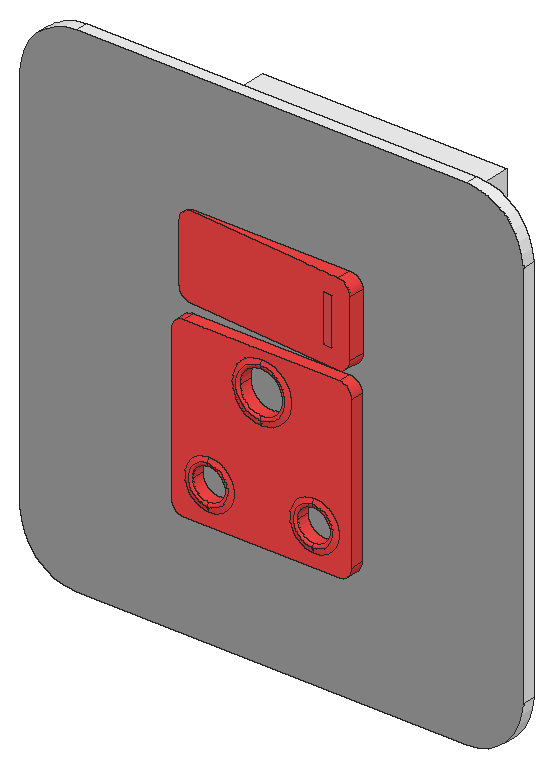
Revit family "EF_Veti-4x4-Hospital-Dedicated-Theatre(20A DP)Plug-Point", category Electrical Fixtures, Revit 2016
Family settings
  Maintain Annotation Orientation = No
  Part Type = Normal
  Round Connector Dimension = Use Diameter
  Work Plane-Based = No
  Always vertical = Yes
  Cut with Voids When Loaded = No
  Shared = No
  Room Calculation Point = No
Parameters (values of type "Dedicated Theatre Plug Point")
  Voltage_x = 220 V
  URL for TCP = "http://www.tcpbim.co.za"
  URL = "http://www.major-tech.com/15-veti"
  Type Comments = "Plug Points"
  Switch Voltage = Voltage_x  # 220 V
  Plug Point Height [instance] = 600 mm
  Materials [instance] = 0 mm
  Manufacturer = "VETI"
  Made by = "Tolani Civil Projects cc"
  Load = 2860 VA
  Description = "4x4 Dedicated Plug Point"
  Amperage = 16 A
Reference planes
  plane 1 "Center (Front/Back)": y = 0
  plane 2: z = 0
  plane 3 "Center (Left/Right)": x = 0
Forms (mm)
  Extrusion 1, solid, material "Plastic White"
    sketch origin (-181.105, 75, 0) x (1, 0, 0) y (0, 0, 1)
      loop
        arc (103.605, 800) -> (87.695, 793.41) -> (81.105, 777.5) r 22.5
        line (81.105, 777.5) -> (81.105, 622.5)
        arc (81.105, 622.5) -> (87.695, 606.59) -> (103.605, 600) r 22.5
        line (103.605, 600) -> (258.605, 600)
        arc (258.605, 600) -> (274.515, 606.59) -> (281.105, 622.5) r 22.5
        line (281.105, 622.5) -> (281.105, 777.5)
        arc (281.105, 777.5) -> (274.515, 793.41) -> (258.605, 800) r 22.5
        line (258.605, 800) -> (103.605, 800)
    from 75 to 80
  Extrusion 2, solid, material "Plastic White"
    sketch origin (-166.105, 0, 0) x (-1, 0, 0) y (0, 0, 1)
      loop
        line (-214.439, 770) -> (-214.439, 760) -> (-117.772, 760) -> (-117.772, 770) -> (-214.439, 770)
    from 0 to 51.204
Cuts and joins
  joined: Extrusion 1, Extrusion 2
Dimensions and locks
  Extrusion 1 sketch curve to Extrusion 1 sketch curve = 200 mm
  Extrusion 2 sketch curve to Extrusion 2 sketch curve to Extrusion 1 = 10 mm, 30 mm
  Extrusion 2 sketch curve to Extrusion 2 sketch curve = 96.667 mm
  cut or joined group of Extrusion 1, Extrusion 2 to cut or joined group of Extrusion 1, Extrusion 2 = 200 mm
  cut or joined group of Extrusion 1, Extrusion 2 to cut or joined group of Extrusion 1, Extrusion 2 to cut or joined group of Extrusion 1, Extrusion 2 to cut or joined group of Extrusion 1, Extrusion 2 = 30 mm locked, 10 mm locked, 160 mm locked
  level to cut or joined group of Extrusion 1, Extrusion 2 = 600 mm
  cut or joined group of Extrusion 1, Extrusion 2 to cut or joined group of Extrusion 1, Extrusion 2 to cut or joined group of Extrusion 1, Extrusion 2 = 51.204 mm locked, 5 mm locked
  cut or joined group of Extrusion 1, Extrusion 2 to cut or joined group of Extrusion 1, Extrusion 2 = 96.667 mm
  locked: cut or joined group of Extrusion 1, Extrusion 2 to plane 1 "Center (Front/Back)"
  plane 3 "Center (Left/Right)" to Extrusion 1 sketch curve = 100 mm
  locked: plane 3 "Center (Left/Right)" to cut or joined group of Extrusion 1, Extrusion 2 at 48.333
  cut or joined group of Extrusion 1, Extrusion 2 to nested 3 to nested 2 to cut or joined group of Extrusion 1, Extrusion 2 = 47.572 mm locked, 107.11 mm locked, 45.318 mm locked
  nested 2 to plane 3 "Center (Left/Right)" to nested 3 = 35.854 mm locked, 35.806 mm locked
  "Plug Point Height": cut or joined group of Extrusion 1, Extrusion 2 to level
  aligned and locked: level to plane 2
  aligned and locked: nested 1 to plane 1 "Center (Front/Back)"
  aligned and locked: cut or joined group of Extrusion 1, Extrusion 2 to nested 3
  aligned and locked: cut or joined group of Extrusion 1, Extrusion 2 to nested 2
Automatic sketch dimensions
  Extrusion 2 sketch curve to Extrusion 1 = 51.667 mm  (x2)
  Extrusion 1 sketch curve to plane 3 "Center (Left/Right)" = 77.5 mm  (x2)
  plane 3 "Center (Left/Right)" to Extrusion 1 sketch curve = 77.5 mm  (x2)
  level to Extrusion 1 sketch curve = 600 mm
  Extrusion 1 sketch curve to Extrusion 1 sketch curve = 22.5 mm
Nested families
  nested 1: "Power Point Test 1" at (0, 0, 0) x (-1, 0, 0) z (0, 0, 1), type "Receptacle Symbol"
  nested 2: "Red Plug Plate" at (0.013, -5, -400.011), type "Red Plug Plate"
  nested 3: "Red Switch" at (0.013, -5, -400.011), type "Red Switch"
Connectors
  electrical at (0, 25.602, 770), driven by "Voltage_x", driven by "Load"
    settings: on cut or joined group of Extrusion 1, Extrusion 2, index 7, voltage 220 V, apparent load 0 VA, apparent load phase1 2860 VA, apparent load phase2 0 VA, apparent load phase3 0 VA, power factor 1, load classification "Other", number of poles 1, system type 31, power factor state 1, is connector primary yes, connector utility no, sub classification motor no, connector description ""
Definition of nested family "Red Plug Plate"
  Reference planes
    plane 1 "Center (Front/Back)": y = 0
    plane 2: z = 0
    plane 3 "Center (Left/Right)": x = 0
    plane 4: x = 0
    plane 5: z = 1100.459
    plane 6: x = 20.867
    plane 7: x = -20.897
    plane 8: z = 1060.329
    plane 9: x = -35.867
    plane 10: x = 35.867
    plane 11 "Left": x = -20.897
    plane 12 "Right": x = 20.867
    plane 13: z = 1060.329
    plane 14: z = 1100.459
  Forms (mm)
    Extrusion 1, solid
      sketch origin (38.868, 0, -0.675) x (1, 0, 0) y (0, 0, 1)
        loop
          arc (-69.734, 1116.134) -> (-73.27, 1114.67) -> (-74.734, 1111.134) r 5
          line (-74.734, 1111.134) -> (-74.734, 1051.004)
          arc (-74.734, 1051.004) -> (-73.27, 1047.468) -> (-69.734, 1046.004) r 5
          line (-69.734, 1046.004) -> (-8.001, 1046.004)
          arc (-8.001, 1046.004) -> (-4.465, 1047.468) -> (-3.001, 1051.004) r 5
          line (-3.001, 1051.004) -> (-3.001, 1111.134)
          arc (-3.001, 1111.134) -> (-4.465, 1114.67) -> (-8.001, 1116.134) r 5
          line (-8.001, 1116.134) -> (-69.734, 1116.134)
        loop
          circle (-38.868, 1101.134) r 8.5
        loop
          circle (-59.764, 1061.004) r 6.5
        loop
          circle (-18.001, 1061.004) r 6.5
      from 5 to 0
    Revolve 2, solid
      sketch origin (-20.897, 0, 0) x (0, 0, -1) y (0, -1, 0)
        loop
          line (-1068.072, 5.593) -> (-1070.253, 4.968) -> (-1066.828, 4.968)
          arc (-1066.828, 4.968) -> (-1067.328, 5.524) -> (-1068.072, 5.593) r 1.027
        axis (-1060.329, 5.593) -> (-1060.329, 4.593)
      angle from 0 to 360
    Revolve 3, solid
      sketch origin (20.867, 0, 0) x (0, 0, -1) y (0, -1, 0)
        loop
          line (-1068.072, 5.593) -> (-1070.253, 4.968) -> (-1066.828, 4.968)
          arc (-1066.828, 4.968) -> (-1067.328, 5.524) -> (-1068.072, 5.593) r 1.027
        axis (-1060.329, 5.593) -> (-1060.329, 4.593)
      angle from 0 to 360
    Revolve 4, solid
      sketch origin (0, 0, 40.13) x (0, 0, -1) y (0, -1, 0)
        loop
          line (-1070.06, 5.593) -> (-1072.241, 4.968) -> (-1068.816, 4.968)
          arc (-1068.816, 4.968) -> (-1069.316, 5.524) -> (-1070.06, 5.593) r 1.027
        axis (-1060.329, 5.593) -> (-1060.329, 4.593)
      angle from 0 to 360
  Cuts and joins
    joined: Extrusion 1, Revolve 2, Revolve 3, Revolve 4
  Dimensions and locks
    aligned and locked: plane 2 to level
Definition of nested family "Red Switch"
  Reference planes
    plane 1 "Center (Front/Back)": y = 0
    plane 2: z = 0
    plane 3 "Center (Left/Right)": x = 0
  Forms (mm)
    Extrusion 1, solid
      sketch origin (-1.424, 2.783, -0.197) x (0.997564, -0.069756, 0) y (0, 0, 1)
        loop
          arc (-29.234, 1152.636) -> (-32.77, 1151.171) -> (-34.234, 1147.636) r 5
          line (-34.234, 1147.636) -> (-34.234, 1124.86)
          arc (-34.234, 1124.86) -> (-32.77, 1121.324) -> (-29.234, 1119.86) r 5
          line (-29.234, 1119.86) -> (32.741, 1119.86)
          arc (32.741, 1119.86) -> (36.277, 1121.324) -> (37.741, 1124.86) r 5
          line (37.741, 1124.86) -> (37.741, 1147.636)
          arc (37.741, 1147.636) -> (36.277, 1151.171) -> (32.741, 1152.636) r 5
          line (32.741, 1152.636) -> (-29.234, 1152.636)
      from 6.186 to 0.245
    Extrusion 2, solid
      sketch origin (0.139, -0.005, 0) x (0.997564, -0.069756, 0) y (0, 0, 1)
        loop
          line (28.988, 1145.439) -> (25.488, 1145.439) -> (25.488, 1126.663) -> (28.988, 1126.663) -> (28.988, 1145.439)
      from 0 to 3.974
  Dimensions and locks
    aligned and locked: plane 2 to level
Definition of nested family "Power Point Test 1"
  Parameters
    Plug Point Height = 1200 mm
  Reference planes
    plane 1: y = 0
    plane 2: x = 0
  Lines and regions (mm)
    Filled region 1, type "Filled region 1"
      outline origin (0, 0, 0) x (1, 0, 0) y (0, 1, 0)
        loop
          arc (1.505, 0.736) -> (1.065, 1.797) -> (0.005, 2.236) r 1.5
          line (0.005, 2.236) -> (0.005, 0.736) -> (1.505, 0.736)
    Filled region 2, type "Filled region 1"
      outline origin (0, 0, 0) x (1, 0, 0) y (0, 1, 0)
        loop
          arc (-1.207, 3.362) -> (-1.914, 3.362) -> (-1.914, 2.655) r 0.5
          line (-1.914, 2.655) -> (-1.207, 3.362)
    detail lines
      curve 1: line (-0.442, -0.034, 0) -> (-0.442, 0.736, 0)
      curve 2: arc (1.505, 0.736, 0) -> (0.005, 2.236, 0) -> (-1.495, 0.736, 0) r 1.5
      curve 3: line (0.451, -0.034, 0) -> (0.451, 0.736, 0)
      curve 4: line (-1.495, 0.736, 0) -> (1.505, 0.736, 0)
      curve 5: line (0.005, 0.736, 0) -> (0.005, 2.236, 0)
      curve 6: line (-1.056, 1.797, 0) -> (-1.914, 2.655, 0)
      curve 7: line (-1.914, 2.655, 0) -> (-1.207, 3.362, 0)
      curve 8: arc (-1.207, 3.362, 0) -> (-1.914, 3.362, 0) -> (-1.914, 2.655, 0) r 0.5
  Text (mm)
    label "A" at (-0.236, 3.565, 0), shows "Plug Point Height"
    text "S" at (-0.92, 1.91, 0)
  Dimensions and locks
    curve 1 to curve 3 = 0.893 mm
    aligned and locked: curve 6 to curve 8
    aligned and locked: Filled region 2 sketch curve to curve 8
    aligned and locked: Filled region 2 sketch curve to curve 7
